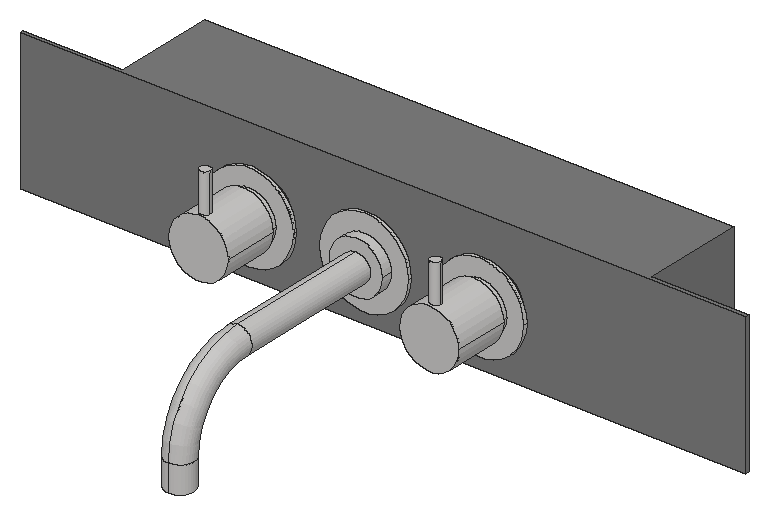
Revit family "1511", category Plumbing Fixtures, Revit 2021
Family settings
  Round Connector Dimension = Use Diameter
  Part Type = Normal
  Work Plane-Based = No
  Always vertical = Yes
  Cut with Voids When Loaded = No
  Shared = No
  Room Calculation Point = No
Parameters
  e-mail = "info@vola.com"
  URL = "http://vola.com"
  Telephone = "+45 7023 5500"
  Quality management standard = "ISO 9001"
  Organisation no. / DUNS no. = "17531328"
  Occupational health and safety management standard = "ISO 18001"
  Mounting Instructions = "http://vola.com/service/producturl.ashx?name=1511"
  Model = "1511"
  Mixer Offset [instance] = 12.00 mm
  Mixer = yes
  Materials and components information = "http://vola.com/service/producturl.ashx?name=1511"
  Manufacturer = "VOLA A/S"
  Maintenance Instructions = "http://vola.com/service/producturl.ashx?name=1511"
  Guarantee = "2 years"
  Flow = "5,00 l/min"
  Environmental management standard = "ISO 14000"
  Default Elevation = 0.00 mm
  Connection - All relevant connections = "½\" for water connection"
  Approvals = "http://vola.com/service/producturl.ashx?name=1511"
Reference planes
  plane 1 "Center (Front/Back)": y = 0
  plane 2: z = 0
  plane 3 "Center (Left/Right)": x = 0
  plane 4 "Mixer plane": y = 12
  plane 5 "Wall Surface": y = 0
Forms (mm)
  Extrusion 1, solid, material "Stainless Steel", visible <- "Mixer"
    sketch origin (-17, 11.58, 0) x (0, 0, -1) y (1, 0, 0)
      loop
        circle (0, 17) r 17
    from 0 to 11.58
  Extrusion 2, solid, material "Stainless Steel", visible <- "Mixer"
    sketch origin (60, 11.58, 0) x (0, 0, -1) y (1, 0, 0)
      loop
        circle (0, 18) r 18
    from 0 to 11.58
  Extrusion 3, solid, material "Stainless Steel", visible <- "Mixer"
    sketch origin (-94.5, 0, 0) x (-1, 0, 0) y (0, 0, 1)
      loop
        circle (-16.5, 0) r 18
    from 0 to 12
Dimensions and locks
  "Mixer Offset": plane 4 "Mixer plane" to plane 1 "Center (Front/Back)"
  aligned and locked: plane 2 to level
  aligned and locked: nested 1 to plane 4 "Mixer plane"
  aligned and locked: plane 1 "Center (Front/Back)" to Extrusion 1
  aligned and locked: plane 1 "Center (Front/Back)" to Extrusion 2
  aligned and locked: plane 4 "Mixer plane" to Extrusion 3
Automatic sketch dimensions
  radius of Extrusion 1 sketch curve to nested 1 = 0.00 mm
  radius of Extrusion 2 sketch curve to nested 1 = 0.00 mm
  radius of nested 4 to Extrusion 3 sketch curve = 1.50 mm
Nested families
  nested 1: "1500" at (0, 83.5, -55), visible <- "Mixer", type "1500"
  nested 2: "001" at (0, 0, 0) x (1, 0, 0) z (0, -1, 0), type "001"
  nested 3: "001" at (78, 0, 0) x (1, 0, 0) z (0, -1, 0), type "001"
  nested 4: "001" at (-78, 0, 0) x (-1, 0, 0) z (0, -1, 0), type "001"
  nested 5: "010" at (0, -2, 0), type "010"
  nested 6: "NR17" at (-78, -2, 0), type "NR17"
  nested 7: "NR17" at (78, -2, 0), type "NR17"
Connectors
  piping at (-78, 60, -55), diameter 28
    settings: on nested 1, index 1, connector inside diameter 1.10236", connector length 0.00 mm, flow factor 0, pipe flow 0 GPM, pressure drop 0.00 psi, fitting loss kfactor 0, connector angle 0.00°, fixture units 0, engagement length 0.00 mm, angle of deflection 0.00°, flow configuration 0, flow direction 1, fitting loss method 0, system type 19, joint type 0, gender type 0, connector reference index -1, connector utility 0, adjustable connector no, is connector primary yes, connector description ""
  piping at (78, 60, -55), diameter 28
    settings: on nested 1, index 2, connector inside diameter 1.10236", connector length 0.00 mm, flow factor 0, pipe flow 0 GPM, pressure drop 0.00 psi, fitting loss kfactor 0, connector angle 0.00°, fixture units 0, engagement length 0.00 mm, angle of deflection 0.00°, flow configuration 0, flow direction 1, fitting loss method 0, system type 20, joint type 0, gender type 0, connector reference index -1, connector utility 0, adjustable connector no, is connector primary no, connector description ""
Definition of nested family "1500"
  Parameters
    e-mail = "info@vola.com"
    URL = "http://vola.com"
    Telephone = "+45 7023 5500"
    Quality management standard = "ISO 9001"
    Organisation no. / DUNS no. = "17531328"
    Occupational health and safety management standard = "ISO 18001"
    Mounting Instructions = "http://vola.com/service/producturl.ashx?name=1500"
    Model = "1500"
    Materials and components information = "http://vola.com/service/producturl.ashx?name=1500"
    Manufacturer = "VOLA A/S"
    Maintenance Instructions = "http://vola.com/service/producturl.ashx?name=1500"
    Guarantee = "2 years"
    Flow = "64,00 l/min"
    Environmental management standard = "ISO 14000"
    Default Elevation = 0.00 mm
    Connection - All relevant connections = ""
    Approvals = "http://vola.com/service/producturl.ashx?name=1500"
  Reference planes
    plane 1 "Center (Front/Back)": y = 0
    plane 2: z = 0
    plane 3 "Center (Left/Right)": x = 0
    plane 4 "Inlet Center Plane": y = -23.5
    plane 5: z = 55
  Forms (mm)
    Extrusion 1, solid
      sketch origin (10, 0, -14) x (1, 0, 0) y (0, 1, 0)
        loop
          line (-186.5, 0) -> (-186.5, -69) -> (171.5, -69) -> (171.5, 0) -> (-186.5, 0)
      from 21.5 to 116.5
    Extrusion 2, solid
      sketch origin (10, -1, -14) x (1, 0, 0) y (0, 1, 0)
        loop
          line (-254, -68) -> (-254, -70.5) -> (236.5, -70.5) -> (236.5, -68) -> (-254, -68)
      from 21.5 to 116.5
    Extrusion 3, solid
      sketch origin (-66, 1.5, 7.5) x (0, 1, 0) y (1, 0, 0)
        loop
          circle (-25, -12) r 14
      from 0 to 7.5
    Extrusion 4, solid
      sketch origin (90, 1.5, 7.5) x (0, 1, 0) y (1, 0, 0)
        loop
          circle (-25, -12) r 14
      from 0 to 7.5
    Extrusion 5, solid
      sketch origin (65.5, -71.5, -14) x (-1, 0, 0) y (0, 0, -1)
        loop
          circle (-12.5, -69) r 18
      from 0 to 0.42
    Extrusion 6, solid
      sketch origin (-12.5, -71.5, -14) x (-1, 0, 0) y (0, 0, -1)
        loop
          circle (-12.5, -69) r 17
      from 0 to 0.42
  Cuts and joins
    joined: Extrusion 1, Extrusion 2
  Lines and regions (mm)
    reference lines
      curve 1: line (-78, -23.5, 55) -> (-78, -108.5, 55)
      curve 2: line (-78, -23.5, 55) -> (-78, -23.5, -44)
      curve 3: line (78, -23.5, 55) -> (78, -108.5, 55)
      curve 4: line (78, -23.5, 55) -> (78, -23.5, -44)
      curve 5: line (0, -23.5, 55) -> (0, -108.5, 55)
  Dimensions and locks
    aligned and locked: plane 2 to level
    aligned and locked: Extrusion 1 to Extrusion 2
    aligned and locked: Extrusion 2 to Extrusion 1
Definition of nested family "001"
  Parameters
    e-mail = "info@vola.com"
    URL = "http://vola.com"
    Telephone = "+45 7023 5500"
    Quality management standard = "ISO 9001"
    Organisation no. / DUNS no. = "17531328"
    Occupational health and safety management standard = "ISO 18001"
    Mounting Instructions = "http://vola.com/service/producturl.ashx?name=001"
    Model = "001"
    Materials and components information = "http://vola.com/service/producturl.ashx?name=001"
    Manufacturer = "VOLA A/S"
    Maintenance Instructions = "http://vola.com/service/producturl.ashx?name=001"
    Guarantee = "2 years"
    Environmental management standard = "ISO 14000"
    Default Elevation = 1219.20 mm
    Connection - All relevant connections = ""
    Approvals = "http://vola.com/service/producturl.ashx?name=001"
  Reference planes
    plane 1 "Center (Front/Back)": y = 0
    plane 2: z = 0
    plane 3 "Center (Left/Right)": x = 0
  Forms (mm)
    Extrusion 1, solid
      sketch origin (0, 0, 0) x (1, 0, 0) y (0, 1, 0)
        loop
          circle (0, 0) r 16.5
        loop
          circle (0, 0) r 30
      from 0 to 2
  Dimensions and locks
    aligned and locked: plane 2 to level
Definition of nested family "010"
  Parameters
    e-mail = "info@vola.com"
    URL = "http://vola.com"
    Telephone = "+45 7023 5500"
    Quality management standard = "ISO 9001"
    Organisation no. / DUNS no. = "17531328"
    Occupational health and safety management standard = "ISO 18001"
    Mounting Instructions = "http://vola.com/service/producturl.ashx?name=010"
    Model = "010"
    Materials and components information = "http://vola.com/service/producturl.ashx?name=010"
    Manufacturer = "VOLA A/S"
    Maintenance Instructions = "http://vola.com/service/producturl.ashx?name=010"
    Guarantee = "2 years"
    Flow = "0 l/min"
    Environmental management standard = "ISO 14000"
    Default Elevation = 0.00 mm
    Connection - All relevant connections = ""
    Approvals = "http://vola.com/service/producturl.ashx?name=010"
  Reference planes
    plane 1 "Center (Front/Back)": y = 0
    plane 2: z = 0
    plane 3 "Center (Left/Right)": x = 0
  Forms (mm)
    Extrusion 1, solid
      sketch origin (0, 0, 0) x (1, 0, 0) y (0, 0, 1)
        loop
          circle (0, 0) r 18
      from 0 to 7
    Sweep 2, solid
      path origin (0, 0, 0) x (0, 1, 0) y (0, 0, 1)
        loop
          line (-7, 0) -> (-107, 0)
          arc (-107, 0) -> (-141.648, -14.352) -> (-156, -49) r 49
      profile origin (0, -141.648, -14.352) x (0, 0.707107, -0.707107) y (1, 0, 0)
        loop
          circle (0, 0) r 9.5
    Extrusion 3, solid
      sketch origin (0, -156, -49) x (0, -1, 0) y (-1, 0, 0)
        loop
          circle (0, 0) r 9.5
      from 0 to 18
  Dimensions and locks
    aligned and locked: plane 2 to level
Definition of nested family "NR17"
  Parameters
    e-mail = "info@vola.com"
    URL = "http://vola.com"
    Telephone = "+45 7023 5500"
    Quality management standard = "ISO 9001"
    Organisation no. / DUNS no. = "17531328"
    Occupational health and safety management standard = "ISO 18001"
    Mounting Instructions = "http://vola.com/service/producturl.ashx?name=NR17"
    Model = "NR17"
    Materials and components information = "http://vola.com/service/producturl.ashx?name=NR17"
    Manufacturer = "VOLA A/S"
    Maintenance Instructions = "http://vola.com/service/producturl.ashx?name=NR17"
    Guarantee = "2 years"
    Environmental management standard = "ISO 14000"
    Default Elevation = 0.00 mm
    Connection - All relevant connections = ""
    Approvals = "http://vola.com/service/producturl.ashx?name=NR17"
  Reference planes
    plane 1 "Center (Front/Back)": y = 0
    plane 2: z = 0
    plane 3 "Center (Left/Right)": x = 0
  Forms (mm)
    Extrusion 1, solid
      sketch origin (0, 0, 0) x (1, 0, 0) y (0, 0, 1)
        loop
          circle (0, 0) r 20
      from 5 to 42.5
    Extrusion 2, solid
      sketch origin (0, -2.75, 0) x (0, -1, 0) y (1, 0, 0)
        loop
          circle (34.5, 0) r 3.5
      from 19 to 45.5
    Extrusion 3, solid
      sketch origin (0, 0, 0) x (1, 0, 0) y (0, 0, 1)
        loop
          circle (0, 0) r 18
      from 0 to 5
  Cuts and joins
    joined: Extrusion 1, Extrusion 2
  Dimensions and locks
    aligned and locked: plane 2 to level
